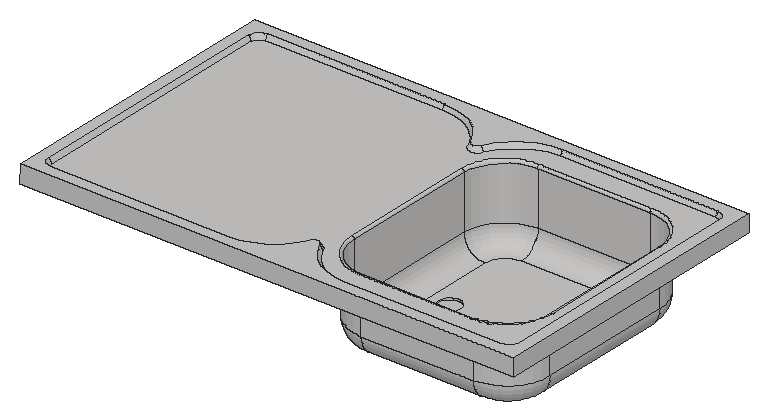
Revit family
Parameters (values of type "900 X 535")
  Waste Connection Diameter = 40 mm
  Width Of Bowl = 400 mm
  Waste Connection Radius = Waste Connection Diameter / 2  # 20 mm
  Waste Connection = 1 = 1  # yes
  WFU = 0
  Vent Connection = 1 = 0  # no
  URL = "http://www.autospec.co.za/browse.php?id=1937217983"
  Product Code = "SSO-900-SE"
  OmniClass Title = ""
  OmniClass Number = ""
  Modspec Classification = ""
  Specification = ""
  Material = Stainless Steel Grade 304
  Location (revit room) = ""
  Length Of Bowl = 355 mm
  HW Connection = 1 = 0  # no
  Description = ""
  Depth Of Bowl = 150 mm
  Colour = none
  CW Connection = 1 = 0  # no
  Body Finish = none
  Width = 535 mm
  Model = "Right Hand Sit-On Sink Single End Bowl SSO-900-SE"
  Manufacturer = "Kwikot"  # constant formula
  Length = 900 mm
  Assembly Code = "D2010410"
Reference planes
  plane 1 "Center (Front/Back)": y = 0
  plane 2 "Bottom": z = 0
  plane 3 "Center (Left/Right)": x = 0
  plane 4 "Right": x = 900
  plane 5 "Back": y = 535
  plane 6 "Top": z = 150
  plane 7: z = 118
  plane 8: x = 495
  plane 9: x = 850
  plane 10: y = 267.5
  plane 11: y = 467.5
  plane 12: y = 67.5
  plane 13: x = 672.5
  plane 14: z = 142
Forms (mm)
  Sweep 1, solid, material "Stainless Steel Grade 304" <- "Material"
    path origin (-60.109, -1524, 150) x (-1, 0, 0) y (0, -1, 0)
      loop
        line (-60.109, -2059) -> (-60.109, -1524) -> (-960.109, -1524) -> (-960.109, -2059) -> (-60.109, -2059)
    profile origin (450, 535, 150) x (0, 1, 0) y (0, 0, 1)
      loop
        line (-15, 0) -> (-15, -10.5) -> (-2.5, -10.5) -> (-2.5, -29.5) -> (-10, -29.5) -> (-10, -32) -> (0, -32) -> (0, 0) -> (-15, 0)
  Extrusion 2, solid, material "Stainless Steel Grade 304" <- "Material"
    sketch origin (-60.109, -1524, 150) x (-1, 0, 0) y (0, -1, 0)
      loop
        line (-75.109, -1539) -> (-945.109, -1539) -> (-945.109, -2044) -> (-75.109, -2044) -> (-75.109, -1539)
    from 0 to -10.5
  Extrusion 3, void
    sketch origin (-60.109, -1524, 150) x (0, -1, 0) y (-1, 0, 0)
      loop
        line (-1991.5, -630.109) -> (-1991.5, -835.109)
        arc (-1991.5, -835.109) -> (-1969.533, -888.142) -> (-1916.5, -910.109) r 75
        line (-1916.5, -910.109) -> (-1666.5, -910.109)
        arc (-1666.5, -910.109) -> (-1613.467, -888.142) -> (-1591.5, -835.109) r 75
        line (-1591.5, -835.109) -> (-1591.5, -630.109)
        arc (-1591.5, -630.109) -> (-1613.467, -577.076) -> (-1666.5, -555.109) r 75
        line (-1666.5, -555.109) -> (-1916.5, -555.109)
        arc (-1916.5, -555.109) -> (-1969.533, -577.076) -> (-1991.5, -630.109) r 75
    from 0 to 10.5
  Sweep 4, solid, material "Stainless Steel Grade 304" <- "Material"
    path origin (-60.109, -1524, 150) x (-1, 0, 0) y (0, -1, 0)
      loop
        arc (-630.109, -1991.5) -> (-577.076, -1969.533) -> (-555.109, -1916.5) r 75
        line (-555.109, -1916.5) -> (-555.109, -1666.5)
        arc (-555.109, -1666.5) -> (-577.076, -1613.467) -> (-630.109, -1591.5) r 75
        line (-630.109, -1591.5) -> (-835.109, -1591.5)
        arc (-835.109, -1591.5) -> (-888.142, -1613.467) -> (-910.109, -1666.5) r 75
        line (-910.109, -1666.5) -> (-910.109, -1916.5)
        arc (-910.109, -1916.5) -> (-888.142, -1969.533) -> (-835.109, -1991.5) r 75
        line (-835.109, -1991.5) -> (-630.109, -1991.5)
    profile origin (672.5, 467.5, 150) x (0, 1, 0) y (0, 0, 1)
      loop
        line (0, -10.5) -> (0, -110)
        arc (0, -110) -> (-10.983, -136.517) -> (-37.5, -147.5) r 37.5
        line (-37.5, -147.5) -> (-37.5, -150)
        arc (-37.5, -150) -> (-9.216, -138.284) -> (2.5, -110) r 40
        line (2.5, -110) -> (2.5, -10.5) -> (0, -10.5)
  Extrusion 5, solid, material "Stainless Steel Grade 304" <- "Material"
    sketch origin (0, 0, 0) x (1, 0, 0) y (0, 1, 0)
      loop
        arc (532.5, 142.5) -> (543.483, 115.983) -> (570, 105) r 37.5
        line (570, 105) -> (775, 105)
        arc (775, 105) -> (801.517, 115.983) -> (812.5, 142.5) r 37.5
        line (812.5, 142.5) -> (812.5, 392.5)
        arc (812.5, 392.5) -> (801.517, 419.017) -> (775, 430) r 37.5
        line (775, 430) -> (570, 430)
        arc (570, 430) -> (543.483, 419.017) -> (532.5, 392.5) r 37.5
        line (532.5, 392.5) -> (532.5, 142.5)
      loop
        circle (570, 267.5) r 20
    from 0 to 2.5
  Blend 6, void
    base sketch origin (0, 0, 150) x (-1, 0, 0) y (0, -1, 0)
      loop
        line (-20, -495) -> (-20, -40)
        arc (-20, -40) -> (-25.858, -25.858) -> (-40, -20) r 20
        line (-40, -20) -> (-362.5, -20)
        arc (-362.5, -20) -> (-421.199, -37.44) -> (-460.851, -84.103) r 107.5
        arc (-460.851, -84.103) -> (-470, -90.066) -> (-479.149, -84.103) r 10
        arc (-479.149, -84.103) -> (-518.801, -37.44) -> (-577.5, -20) r 107.5
        line (-577.5, -20) -> (-860, -20)
        arc (-860, -20) -> (-874.142, -25.858) -> (-880, -40) r 20
        line (-880, -40) -> (-880, -495)
        arc (-880, -495) -> (-874.142, -509.142) -> (-860, -515) r 20
        line (-860, -515) -> (-577.5, -515)
        arc (-577.5, -515) -> (-518.801, -497.56) -> (-479.149, -450.897) r 107.5
        arc (-479.149, -450.897) -> (-470, -444.934) -> (-460.851, -450.897) r 10
        arc (-460.851, -450.897) -> (-421.199, -497.56) -> (-362.5, -515) r 107.5
        line (-362.5, -515) -> (-40, -515)
        arc (-40, -515) -> (-25.858, -509.142) -> (-20, -495) r 20
    top sketch origin (0, 0, 150) x (-1, 0, 0) y (0, -1, 0)
      loop
        line (-25, -495) -> (-25, -40)
        arc (-25, -40) -> (-29.393, -29.393) -> (-40, -25) r 15
        line (-40, -25) -> (-362.5, -25)
        arc (-362.5, -25) -> (-418.468, -41.629) -> (-456.277, -86.121) r 102.5
        arc (-456.277, -86.121) -> (-470, -95.066) -> (-483.723, -86.121) r 15
        arc (-483.723, -86.121) -> (-521.532, -41.629) -> (-577.5, -25) r 102.5
        line (-577.5, -25) -> (-860, -25)
        arc (-860, -25) -> (-870.607, -29.393) -> (-875, -40) r 15
        line (-875, -40) -> (-875, -495)
        arc (-875, -495) -> (-870.607, -505.607) -> (-860, -510) r 15
        line (-860, -510) -> (-577.5, -510)
        arc (-577.5, -510) -> (-521.532, -493.371) -> (-483.723, -448.879) r 102.5
        arc (-483.723, -448.879) -> (-470, -439.934) -> (-456.277, -448.879) r 15
        arc (-456.277, -448.879) -> (-418.468, -493.371) -> (-362.5, -510) r 102.5
        line (-362.5, -510) -> (-40, -510)
        arc (-40, -510) -> (-29.393, -505.607) -> (-25, -495) r 15
    from 0 to -8
  Extrusion 7, solid, material "Stainless Steel Grade 304" <- "Material"
    sketch origin (0, 0, 0) x (1, 0, 0) y (0, 1, 0)
      loop
        circle (570, 267.5) r 20
    from 0 to -5
  Sweep 8, void
    path origin (-60.109, -1524, 150) x (-1, 0, 0) y (0, -1, 0)
      loop
        line (-835.109, -1991.5) -> (-630.109, -1991.5)
        arc (-630.109, -1991.5) -> (-577.076, -1969.533) -> (-555.109, -1916.5) r 75
        line (-555.109, -1916.5) -> (-555.109, -1666.5)
        arc (-555.109, -1666.5) -> (-577.076, -1613.467) -> (-630.109, -1591.5) r 75
        line (-630.109, -1591.5) -> (-835.109, -1591.5)
        arc (-835.109, -1591.5) -> (-888.142, -1613.467) -> (-910.109, -1666.5) r 75
        line (-910.109, -1666.5) -> (-910.109, -1916.5)
        arc (-910.109, -1916.5) -> (-888.142, -1969.533) -> (-835.109, -1991.5) r 75
    profile origin (672.5, 467.5, 150) x (0, -1, 0) y (0, 0, 1)
      loop
        line (0, -8) -> (-5, -8)
        arc (-5, -8) -> (-1.464, -9.464) -> (0, -13) r 5
        line (0, -13) -> (0, -8)
Cuts and joins
  Extrusion 3, Blend 6, Sweep 8 cuts Sweep 1
  Extrusion 3, Blend 6, Sweep 8 cuts Extrusion 2
  Blend 6, Sweep 8 cuts Sweep 4
  Blend 6, Sweep 8 cuts Extrusion 5
  Sweep 8 cuts Extrusion 7
  joined: Sweep 1, Extrusion 2, Sweep 4, Extrusion 5, Extrusion 7
Lines and regions (mm)
  symbolic lines
    curve 1: line (0, 535, 150) -> (0, 0, 150)
    curve 2: line (0, 0, 150) -> (900, 0, 150)
    curve 3: line (900, 0, 150) -> (900, 535, 150)
    curve 4: line (900, 535, 150) -> (0, 535, 150)
    curve 5: line (495, 392.5, 150) -> (495, 142.5, 150)
    curve 6: arc (570, 467.5, 150) -> (516.967, 445.533, 150) -> (495, 392.5, 150) r 75
    curve 7: line (775, 467.5, 150) -> (570, 467.5, 150)
    curve 8: arc (850, 392.5, 150) -> (828.033, 445.533, 150) -> (775, 467.5, 150) r 75
    curve 9: line (850, 142.5, 150) -> (850, 392.5, 150)
    curve 10: arc (775, 67.5, 150) -> (828.033, 89.467, 150) -> (850, 142.5, 150) r 75
    curve 11: line (570, 67.5, 150) -> (775, 67.5, 150)
    curve 12: arc (495, 142.5, 150) -> (516.967, 89.467, 150) -> (570, 67.5, 150) r 75
    curve 29: arc (590, 267.5, 150) -> (570, 247.5, 150) -> (550, 267.5, 150) r 20
    curve 30: arc (550, 267.5, 150) -> (570, 287.5, 150) -> (590, 267.5, 150) r 20
    curve 33: line (20, 40, 150) -> (20, 495, 150)
    curve 34: arc (20, 495, 150) -> (25.858, 509.142, 150) -> (40, 515, 150) r 20
    curve 35: line (40, 515, 150) -> (362.5, 515, 150)
    curve 36: arc (362.5, 515, 150) -> (421.199, 497.56, 150) -> (460.851, 450.897, 150) r 107.5
    curve 37: arc (460.851, 450.897, 150) -> (470, 444.934, 150) -> (479.149, 450.897, 150) r 10
    curve 38: arc (479.149, 450.897, 150) -> (518.801, 497.56, 150) -> (577.5, 515, 150) r 107.5
    curve 39: arc (577.5, 510, 150) -> (521.532, 493.371, 150) -> (483.723, 448.879, 150) r 102.5
    curve 40: arc (483.723, 448.879, 150) -> (470, 439.934, 150) -> (456.277, 448.879, 150) r 15
    curve 41: arc (456.277, 448.879, 150) -> (418.468, 493.371, 150) -> (362.5, 510, 150) r 102.5
    curve 42: line (362.5, 510, 150) -> (40, 510, 150)
    curve 43: arc (40, 510, 150) -> (29.393, 505.607, 150) -> (25, 495, 150) r 15
    curve 44: line (25, 495, 150) -> (25, 40, 150)
    curve 45: line (860, 510, 150) -> (577.5, 510, 150)
    curve 46: line (577.5, 515, 150) -> (860, 515, 150)
    curve 47: arc (875, 495, 150) -> (870.607, 505.607, 150) -> (860, 510, 150) r 15
    curve 48: arc (860, 515, 150) -> (874.142, 509.142, 150) -> (880, 495, 150) r 20
    curve 49: line (875, 40, 150) -> (875, 495, 150)
    curve 50: line (880, 495, 150) -> (880, 40, 150)
    curve 51: arc (880, 40, 150) -> (874.142, 25.858, 150) -> (860, 20, 150) r 20
    curve 52: arc (860, 25, 150) -> (870.607, 29.393, 150) -> (875, 40, 150) r 15
    curve 53: line (860, 20, 150) -> (577.5, 20, 150)
    curve 54: line (577.5, 25, 150) -> (860, 25, 150)
    curve 55: arc (577.5, 20, 150) -> (518.801, 37.44, 150) -> (479.149, 84.103, 150) r 107.5
    curve 56: arc (483.723, 86.121, 150) -> (521.532, 41.629, 150) -> (577.5, 25, 150) r 102.5
    curve 57: arc (456.277, 86.121, 150) -> (470, 95.066, 150) -> (483.723, 86.121, 150) r 15
    curve 58: arc (479.149, 84.103, 150) -> (470, 90.066, 150) -> (460.851, 84.103, 150) r 10
    curve 59: arc (460.851, 84.103, 150) -> (421.199, 37.44, 150) -> (362.5, 20, 150) r 107.5
    curve 60: arc (362.5, 25, 150) -> (418.468, 41.629, 150) -> (456.277, 86.121, 150) r 102.5
    curve 61: line (40, 25, 150) -> (362.5, 25, 150)
    curve 62: line (362.5, 20, 150) -> (40, 20, 150)
    curve 63: arc (25, 40, 150) -> (29.393, 29.393, 150) -> (40, 25, 150) r 15
    curve 64: arc (40, 20, 150) -> (25.858, 25.858, 150) -> (20, 40, 150) r 20
  model lines
    curve 13: line (445, 390, 142) -> (445, 140, 142)
    curve 14: line (50, 470, 142) -> (50, 60, 142)
    curve 15: line (50, 470, 142) -> (365, 470, 142)
    curve 16: line (50, 60, 142) -> (365, 60, 142)
    curve 17: line (427.45, 440, 142) -> (50, 440, 142)
    curve 18: line (442.46, 410, 142) -> (50, 410, 142)
    curve 19: line (445, 380, 142) -> (51.271, 380, 142)
    curve 20: line (445, 350, 142) -> (50, 350, 142)
    curve 21: line (445, 320, 142) -> (50, 320, 142)
    curve 22: line (445, 290, 142) -> (50, 290, 142)
    curve 23: line (445, 230, 142) -> (50, 230, 142)
    curve 24: line (445, 200, 142) -> (50, 200, 142)
    curve 25: line (445, 170, 142) -> (50, 170, 142)
    curve 26: line (445, 140, 142) -> (50, 140, 142)
    curve 27: line (439.162, 110, 142) -> (50, 110, 142)
    curve 28: line (417.915, 80, 142) -> (50, 80, 142)
    curve 31: arc (445, 390, 142) -> (421.569, 446.569, 142) -> (365, 470, 142) r 80
    curve 32: arc (445, 140, 142) -> (421.569, 83.431, 142) -> (365, 60, 142) r 80
    curve 65: line (50, 260, 142) -> (445, 260, 142)
Dimensions and locks
  "Length": plane 3 "Center (Left/Right)" to plane 4 "Right"
  "Width": plane 5 "Back" to plane 1 "Center (Front/Back)"
  "Depth Of Bowl": plane 6 "Top" to plane 2 "Bottom"
  equal spacing: plane 1 "Center (Front/Back)", plane 10, plane 5 "Back"
  "Length Of Bowl": plane 8 to plane 9
  "Width Of Bowl": plane 11 to plane 12
  equal spacing: plane 11, plane 10, plane 12
  equal spacing: plane 8, plane 13, plane 9
  plane 6 "Top" to plane 7 = 32 mm
  Sweep 1 sketch curve to plane 5 "Back" = 10 mm
  Sweep 1 sketch curve to plane 5 "Back" = 15 mm
  plane 6 "Top" to Sweep 1 sketch curve = 10.5 mm
  Sweep 1 sketch curve to plane 5 "Back" = 2.5 mm
  plane 7 to Sweep 1 sketch curve = 2.5 mm
  plane 3 "Center (Left/Right)" to Blend 6 sketch curve = 20 mm
  Blend 6 sketch curve to plane 4 "Right" = 20 mm
  plane 5 "Back" to Blend 6 sketch curve = 20 mm
  plane 1 "Center (Front/Back)" to Blend 6 sketch curve = 20 mm
  var sketch to Blend 6 sketch curve = 5 mm  (x3)
  Blend 6 sketch curve to var sketch = 5 mm
  plane 6 "Top" to plane 14 = 8 mm
  plane 9 to plane 4 "Right" = 50 mm
  plane 3 "Center (Left/Right)" to curve 14 = 50 mm
  plane 8 to Extrusion 5 sketch curve = 75 mm
  radius of Extrusion 3 sketch curve = 75 mm  (x4)
  radius of Sweep 4 sketch curve = 37.5 mm
  radius of Sweep 4 sketch curve = 40 mm
  "Waste Connection Radius": radius of Extrusion 5 sketch curve
  radius of Blend 6 sketch curve = 20 mm  (x4)
  radius of Blend 6 sketch curve = 15 mm  (x6)
  radius of Blend 6 sketch curve = 107.5 mm  (x4)
  radius of Blend 6 sketch curve = 10 mm  (x2)
  radius of Blend 6 sketch curve = 102.5 mm  (x4)
  aligned and locked: level to plane 2 "Bottom"
  aligned and locked: Sweep 1 sketch curve to plane 5 "Back"
  aligned and locked: plane 3 "Center (Left/Right)" to Sweep 1 sketch curve
  aligned and locked: Sweep 1 sketch curve to plane 1 "Center (Front/Back)"
  aligned and locked: plane 4 "Right" to Sweep 1 sketch curve
  aligned and locked: Sweep 1 sketch curve to profile plane
  aligned and locked: plane 7 to Sweep 1 sketch curve
  aligned and locked: profile plane to Sweep 1 sketch curve
  aligned and locked: Extrusion 2 sketch curve to Sweep 1  (x4)
  aligned and locked: Sweep 1 to Extrusion 2
  aligned and locked: plane 6 "Top" to Extrusion 2
  aligned and locked: plane 11 to Extrusion 3 sketch curve
  aligned and locked: Extrusion 3 sketch curve to plane 8
  aligned and locked: Extrusion 3 sketch curve to plane 12
  aligned and locked: plane 9 to Extrusion 3 sketch curve
  aligned and locked: Sweep 1 to Extrusion 3
  aligned and locked: plane 6 "Top" to Extrusion 3
  aligned and locked: Sweep 4 sketch curve to cut or joined group of Sweep 1, Extrusion 2, Extrusion 3, Sweep 4, Extrusion 5, Blend 6, Extrusion 7, Sweep 8  (x5)
  aligned and locked: cut or joined group of Sweep 1, Extrusion 2, Extrusion 3, Sweep 4, Extrusion 5, Blend 6, Extrusion 7, Sweep 8 to Sweep 4 sketch curve
  aligned and locked: plane 2 "Bottom" to Sweep 4 sketch curve
  aligned and locked: Extrusion 5 sketch curve to cut or joined group of Sweep 1, Extrusion 2, Extrusion 3, Sweep 4, Extrusion 5, Blend 6, Extrusion 7, Sweep 8  (x4)
  aligned and locked: plane 10 to Extrusion 5 sketch curve
  aligned and locked: curve 1 to cut or joined group of Sweep 1, Extrusion 2, Extrusion 3, Sweep 4, Extrusion 5, Blend 6, Extrusion 7, Sweep 8
  aligned and locked: curve 2 to cut or joined group of Sweep 1, Extrusion 2, Extrusion 3, Sweep 4, Extrusion 5, Blend 6, Extrusion 7, Sweep 8
  aligned and locked: curve 3 to cut or joined group of Sweep 1, Extrusion 2, Extrusion 3, Sweep 4, Extrusion 5, Blend 6, Extrusion 7, Sweep 8
  aligned and locked: curve 4 to cut or joined group of Sweep 1, Extrusion 2, Extrusion 3, Sweep 4, Extrusion 5, Blend 6, Extrusion 7, Sweep 8
  aligned and locked: curve 6 to cut or joined group of Sweep 1, Extrusion 2, Extrusion 3, Sweep 4, Extrusion 5, Blend 6, Extrusion 7, Sweep 8
  aligned and locked: curve 8 to cut or joined group of Sweep 1, Extrusion 2, Extrusion 3, Sweep 4, Extrusion 5, Blend 6, Extrusion 7, Sweep 8
  aligned and locked: curve 10 to cut or joined group of Sweep 1, Extrusion 2, Extrusion 3, Sweep 4, Extrusion 5, Blend 6, Extrusion 7, Sweep 8
  aligned and locked: curve 12 to cut or joined group of Sweep 1, Extrusion 2, Extrusion 3, Sweep 4, Extrusion 5, Blend 6, Extrusion 7, Sweep 8
  aligned and locked: Extrusion 7 sketch curve to cut or joined group of Sweep 1, Extrusion 2, Extrusion 3, Sweep 4, Extrusion 5, Blend 6, Extrusion 7, Sweep 8  (x2)
  aligned and locked: Sweep 8 sketch curve to cut or joined group of Sweep 1, Extrusion 2, Extrusion 3, Sweep 4, Extrusion 5, Blend 6, Extrusion 7, Sweep 8  (x4)
  aligned and locked: profile plane to Sweep 8 sketch curve
  aligned and locked: cut or joined group of Sweep 1, Extrusion 2, Extrusion 3, Sweep 4, Extrusion 5, Blend 6, Extrusion 7, Sweep 8 to Sweep 8 sketch curve
  aligned and locked: Blend 6 to Sweep 8
  aligned and locked: curve 29 to cut or joined group of Sweep 1, Extrusion 2, Extrusion 3, Sweep 4, Extrusion 5, Blend 6, Extrusion 7, Sweep 8
  aligned and locked: curve 30 to cut or joined group of Sweep 1, Extrusion 2, Extrusion 3, Sweep 4, Extrusion 5, Blend 6, Extrusion 7, Sweep 8
  aligned and locked: Blend 6 sketch curve to Blend 6 sketch curve  (x4)
  aligned and locked: curve 34 to cut or joined group of Sweep 1, Extrusion 2, Extrusion 3, Sweep 4, Extrusion 5, Blend 6, Extrusion 7, Sweep 8
  aligned and locked: curve 36 to cut or joined group of Sweep 1, Extrusion 2, Extrusion 3, Sweep 4, Extrusion 5, Blend 6, Extrusion 7, Sweep 8
  aligned and locked: curve 37 to cut or joined group of Sweep 1, Extrusion 2, Extrusion 3, Sweep 4, Extrusion 5, Blend 6, Extrusion 7, Sweep 8
  aligned and locked: curve 38 to cut or joined group of Sweep 1, Extrusion 2, Extrusion 3, Sweep 4, Extrusion 5, Blend 6, Extrusion 7, Sweep 8
  aligned and locked: curve 39 to cut or joined group of Sweep 1, Extrusion 2, Extrusion 3, Sweep 4, Extrusion 5, Blend 6, Extrusion 7, Sweep 8
  aligned and locked: curve 40 to cut or joined group of Sweep 1, Extrusion 2, Extrusion 3, Sweep 4, Extrusion 5, Blend 6, Extrusion 7, Sweep 8
  aligned and locked: curve 41 to cut or joined group of Sweep 1, Extrusion 2, Extrusion 3, Sweep 4, Extrusion 5, Blend 6, Extrusion 7, Sweep 8
  aligned and locked: curve 43 to cut or joined group of Sweep 1, Extrusion 2, Extrusion 3, Sweep 4, Extrusion 5, Blend 6, Extrusion 7, Sweep 8
  aligned and locked: curve 47 to cut or joined group of Sweep 1, Extrusion 2, Extrusion 3, Sweep 4, Extrusion 5, Blend 6, Extrusion 7, Sweep 8
  aligned and locked: curve 48 to cut or joined group of Sweep 1, Extrusion 2, Extrusion 3, Sweep 4, Extrusion 5, Blend 6, Extrusion 7, Sweep 8
  aligned and locked: curve 51 to cut or joined group of Sweep 1, Extrusion 2, Extrusion 3, Sweep 4, Extrusion 5, Blend 6, Extrusion 7, Sweep 8
  aligned and locked: curve 52 to cut or joined group of Sweep 1, Extrusion 2, Extrusion 3, Sweep 4, Extrusion 5, Blend 6, Extrusion 7, Sweep 8
  aligned and locked: curve 55 to cut or joined group of Sweep 1, Extrusion 2, Extrusion 3, Sweep 4, Extrusion 5, Blend 6, Extrusion 7, Sweep 8
  aligned and locked: curve 56 to cut or joined group of Sweep 1, Extrusion 2, Extrusion 3, Sweep 4, Extrusion 5, Blend 6, Extrusion 7, Sweep 8
  aligned and locked: curve 57 to cut or joined group of Sweep 1, Extrusion 2, Extrusion 3, Sweep 4, Extrusion 5, Blend 6, Extrusion 7, Sweep 8
  aligned and locked: curve 58 to cut or joined group of Sweep 1, Extrusion 2, Extrusion 3, Sweep 4, Extrusion 5, Blend 6, Extrusion 7, Sweep 8
  aligned and locked: curve 59 to cut or joined group of Sweep 1, Extrusion 2, Extrusion 3, Sweep 4, Extrusion 5, Blend 6, Extrusion 7, Sweep 8
  aligned and locked: curve 60 to cut or joined group of Sweep 1, Extrusion 2, Extrusion 3, Sweep 4, Extrusion 5, Blend 6, Extrusion 7, Sweep 8
  aligned and locked: curve 63 to cut or joined group of Sweep 1, Extrusion 2, Extrusion 3, Sweep 4, Extrusion 5, Blend 6, Extrusion 7, Sweep 8
  aligned and locked: curve 64 to cut or joined group of Sweep 1, Extrusion 2, Extrusion 3, Sweep 4, Extrusion 5, Blend 6, Extrusion 7, Sweep 8
Automatic sketch dimensions
  Sweep 4 sketch curve to Sweep 4 sketch curve = 0 mm
  profile plane to Sweep 8 sketch curve = 5 mm
  Sweep 8 sketch curve to Sweep 8 sketch curve = 5 mm  (x2)
  Sweep 8 sketch curve to Sweep 8 sketch curve = 0 mm
  Sweep 8 sketch curve to profile plane = 0 mm
  curve 19 to curve 18 = 1.271 mm
  plane 12 to curve 28 = 12.5 mm
  curve 17 to plane 11 = 27.5 mm
  curve 32 to plane 12 = 7.5 mm
  curve 32 to plane 8 = 130 mm
  curve 13 to curve 20 = 40 mm
  curve 20 to curve 21 = 30 mm
  plane 10 to curve 22 = 22.5 mm
  curve 23 to plane 10 = 37.5 mm
  curve 23 to curve 24 = 30 mm
  curve 25 to curve 26 = 30 mm
  curve 31 to curve 18 = 2.54 mm
  curve 18 to curve 17 = 15.01 mm
  curve 31 to plane 8 = 130 mm
  curve 13 to curve 27 = 5.838 mm
  curve 17 to curve 15 = 62.45 mm
  plane 8 to Blend 6 sketch curve = 82.5 mm
  Blend 6 sketch curve to plane 8 = 15.851 mm  (x2)
  Blend 6 sketch curve to Blend 6 sketch curve = 0 mm  (x7)
  Blend 6 sketch curve to Blend 6 sketch curve = 9.149 mm
  Blend 6 sketch curve to Blend 6 sketch curve = 4.037 mm
  Blend 6 sketch curve to plane 8 = 11.277 mm  (x2)
  Blend 6 sketch curve to Blend 6 sketch curve = 13.723 mm  (x2)
  curve 65 to plane 10 = 7.5 mm
  curve 31 to curve 19 = 10 mm
Connectors
  piping at (570, 267.5, -5), driven by "Waste Connection Radius", driven by "WFU"
    settings: on cut or joined group of Sweep 1, Extrusion 2, Extrusion 3, Sweep 4, Extrusion 5, Blend 6, Extrusion 7, Sweep 8, index 1, connector radius 20 mm, flow factor 0, pipe flow 0.0 L/s, pressure drop 0.0 Pa, fitting loss kfactor 0, connector angle 0.00°, fixture units 0, flow configuration 3, flow direction 2, fitting loss method 4, system type 16, connector reference index -1, connector utility 0, adjustable connector no, is connector primary yes, fitting loss table "", connector description "Waste Connection"
